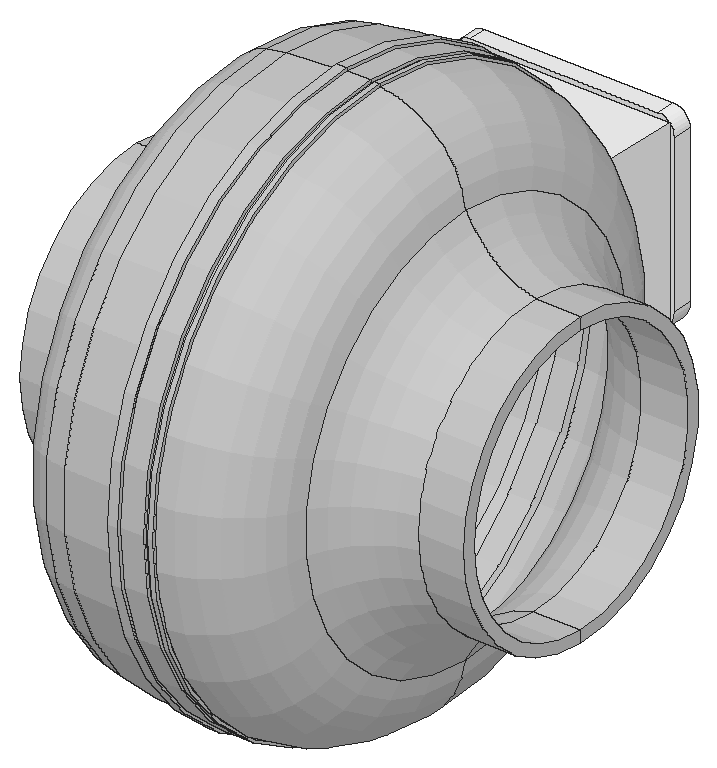
Revit family "CK 125 C AC_7000040", category Mechanical Equipment, Revit 2014
Parameters (values of type "CK 125 C AC")
  Wiring diagram = "4040001"
  Weight = 2.70 kg
  Voltage range = "220-240 / 50/60 V/Hz"
  Voltage = 230 V
  Speed = "2480 rpm"
  Sound pressure level at 3 m = "42 dB(A)"
  Power = 62 W
  Phase = 1
  Max. temperature of transported air when speed controlled = 60 °C
  Max. temperature of transported air = 60 °C
  Main Material = Steel, Galvanized
  Frequency = 50 Hz
  Elevation [instance] = 2721.5 mm
  Diameter = 124 mm
  Current = 0.27 A
  Capacitor = "2 μF"
Reference planes
  plane 1 "Center (Front/Back)": y = 0
  plane 2: z = 0
  plane 3 "Center (Left/Right)": x = 0
  plane 4: z = 2721.5
Dimensions and locks
  "Elevation": plane 2 to plane 4
  aligned and locked: level to plane 2
  aligned and locked: nested 1 to plane 4
  aligned and locked: plane 3 "Center (Left/Right)" to nested 1
  aligned and locked: plane 1 "Center (Front/Back)" to nested 2
  aligned and locked: plane 3 "Center (Left/Right)" to nested 2
Nested families
  nested 1: "CK 125 A AC_CK 125 C ACCK 125 C EC_geometry" at (0, 0, 2600), type "CK 125 A AC_CK 125 C ACCK 125 C EC_geometry"
  nested 2: "Flow direction symbol" at (0, 0, 0), type "Flow direction symbol"
Connectors
  hvac at (-94, 0, 2721.5), driven by "Diameter"
    settings: on nested 1, index 1, duct flow 0.0 L/s, flow factor 0, pres drop 0.0 Pa, loss coef 0, conn angle 0.00°, conn width 304.8 mm, conn height 304.8 mm, conn diameter 124 mm, duct sys type 1, conn prof type 0, flow config 0, flow direction 1, loss method 0, conn ref index -1, conn util no, is conn primary yes, conn desc ""
  hvac at (94, 0, 2721.5), driven by "Diameter"
    settings: on nested 1, index 2, duct flow 0.0 L/s, flow factor 0, pres drop 0.0 Pa, loss coef 0, conn angle 0.00°, conn width 304.8 mm, conn height 304.8 mm, conn diameter 124 mm, duct sys type 3, conn prof type 0, flow config 0, flow direction 2, loss method 0, conn ref index -1, conn util no, is conn primary no, conn desc ""
  electrical at (-34.442, 159.662, 2722.509), driven by "Phase", driven by "Voltage"
    settings: on nested 1, index 3, voltage 230 V, apparent load 0 VA, apparent load phase1 0 VA, apparent load phase2 0 VA, apparent load phase3 0 VA, power factor 1, load classification "Other", number of poles 1, system type 31, power factor state 1, is connector primary yes, connector utility no, sub classification motor no, connector description ""
Definition of nested family "CK 125 A AC_CK 125 C ACCK 125 C EC_geometry"
  Parameters (values of type "CK 125 A AC_CK 125 C ACCK 125 C EC_geometry")
    Main Material = Steel, Galvanized
  Reference planes
    plane 1 "Center (Front/Back)": y = 0
    plane 2: z = 0
    plane 3 "Center (Left/Right)": x = 0
    plane 4: z = 121.5
    plane 5: y = 159.662
    plane 6: y = 121.5
    plane 7: y = -121.5
    plane 8: x = -94
    plane 9: x = 94
    plane 10: z = 243
  Forms (mm)
    Revolve 1, solid, material "Steel, Galvanized" <- "Main Material", detail levels medium+fine
      sketch origin (0, 0, 0) x (-1, 0, 0) y (0, 0, -1)
        loop
          line (-94, -121.5) -> (94, -121.5) -> (94, -59.5) -> (72.757, -59.5)
          arc (72.757, -59.5) -> (69.865, -58.302) -> (68.667, -55.411) r 4.089
          arc (68.667, -55.411) -> (67.866, -52.064) -> (65.634, -49.444) r 7.385
          arc (65.634, -49.444) -> (60.661, -43.893) -> (58.383, -36.796) r 17.877
          arc (58.383, -36.796) -> (56.911, -27.605) -> (54.381, -18.648) r 79.973
          arc (54.381, -18.648) -> (48.574, -9.742) -> (39.265, -4.604) r 21.974
          arc (39.265, -4.604) -> (34.93, -3.639) -> (30.531, -3.031) r 54.355
          line (30.531, -3.031) -> (9.341, -1.921) -> (9.341, 0) -> (5.015, 0) -> (5.015, -1.029) -> (-4.985, -1.029) -> (-4.985, -2.121) -> (-6.81, -2.121) -> (-6.81, -1.029) -> (-8.834, -1.029) -> (-8.834, -2.121)
          arc (-8.834, -2.121) -> (-33.321, -12.518) -> (-45.401, -36.22) r 38.903
          arc (-45.401, -36.22) -> (-57.353, -51.26) -> (-74.707, -59.5) r 42.496
          line (-74.707, -59.5) -> (-94, -59.5) -> (-94, -121.5)
        axis (-94, -121.5) -> (94, -121.5)
      angle from 0 to 360
    Extrusion 2, solid, material "Plastic", detail levels medium+fine
      sketch origin (0, 0, 0) x (-1, 0, 0) y (0, 0, -1)
        loop
          arc (74.266, -163.259) -> (79.215, -161.209) -> (81.266, -156.259) r 7
          line (81.266, -156.259) -> (81.266, -90.259)
          arc (81.266, -90.259) -> (78.337, -83.188) -> (71.266, -80.259) r 10
          line (71.266, -80.259) -> (-2.382, -80.259)
          arc (-2.382, -80.259) -> (-9.453, -83.188) -> (-12.382, -90.259) r 10
          line (-12.382, -90.259) -> (-12.382, -156.259)
          arc (-12.382, -156.259) -> (-10.332, -161.209) -> (-5.382, -163.259) r 7
          line (-5.382, -163.259) -> (74.266, -163.259)
      from -159.662 to -151.628
    Extrusion 3, solid, material "Plastic", detail levels medium+fine
      sketch origin (0, 0, 0) x (0, 1, 0) y (0, 0, -1)
        loop
          line (118.852, -161.259) -> (151.628, -161.259) -> (151.628, -81.741) -> (118.852, -81.741) -> (118.852, -161.259)
      from -10.4 to 79.3
    Revolve 4, solid, material "Steel, Galvanized" <- "Main Material", detail levels coarse
      sketch origin (0, 0, 0) x (-1, 0, 0) y (0, 0, -1)
        loop
          line (-94, -121.5) -> (94, -121.5) -> (94, -59.5) -> (73.047, -59.5)
          arc (73.047, -59.5) -> (67.031, -57.553) -> (63.295, -52.451) r 10.271
          line (63.295, -52.451) -> (55.682, -21.92)
          arc (55.682, -21.92) -> (49.189, -10.123) -> (37.71, -3.085) r 26.305
          arc (37.71, -3.085) -> (28.61, -0.967) -> (19.317, 0) r 74.822
          arc (19.317, 0) -> (-1.145, -0.512) -> (-21.359, -3.723) r 154.558
          arc (-21.359, -3.723) -> (-34.11, -10.768) -> (-41.146, -23.524) r 26.267
          arc (-41.146, -23.524) -> (-52.509, -45.627) -> (-73.129, -59.5) r 49.87
          line (-73.129, -59.5) -> (-94, -59.5) -> (-94, -121.5)
        axis (-94, -121.5) -> (94, -121.5)
      angle from 0 to 360
    Revolve 5, void
      sketch origin (0, 0, 0) x (-1, 0, 0) y (0, 0, -1)
        loop
          line (-94, -121.5) -> (94, -121.5) -> (94, -64.5) -> (72.757, -64.5)
          arc (72.757, -64.5) -> (66.33, -61.838) -> (63.667, -55.411) r 9.089
          arc (63.667, -55.411) -> (63.409, -54.33) -> (62.688, -53.484) r 2.385
          arc (62.688, -53.484) -> (56.323, -46.38) -> (53.408, -37.298) r 22.877
          arc (53.408, -37.298) -> (52.028, -28.682) -> (49.657, -20.284) r 74.973
          arc (49.657, -20.284) -> (45.171, -13.405) -> (37.98, -9.437) r 16.974
          arc (37.98, -9.437) -> (34.097, -8.57) -> (30.156, -8.019) r 49.355
          line (30.156, -8.019) -> (9.079, -6.914) -> (5.015, -6.029) -> (-4.985, -6.029) -> (-8.571, -7.114)
          arc (-8.571, -7.114) -> (-30.187, -16.435) -> (-40.523, -37.586) r 33.903
          arc (-40.523, -37.586) -> (-54.124, -55.08) -> (-74.182, -64.5) r 47.496
          line (-74.182, -64.5) -> (-94, -64.5) -> (-94, -121.5)
        axis (94, -121.5) -> (-94, -121.5)
      angle from 0 to 360
  Cuts and joins
    Revolve 5 cuts Revolve 1
  Dimensions and locks
    aligned and locked: level to plane 2
Definition of nested family "Flow direction symbol"
  Parameters (values of type "Flow direction symbol")
    Warning = "!"
    Text = "DIMENSIONS OVERCONSTRAINT"
  Reference planes
    plane 1: y = 0
    plane 2: x = 0
  Lines and regions (mm)
    detail lines
      curve 1: line (-0.506, 0.877, 0) -> (-0.506, -0.877, 0)
      curve 2: line (1.012, 0, 0) -> (-0.506, -0.877, 0)
      curve 3: line (-0.506, 0.877, 0) -> (1.012, 0, 0)
      curve 4: circle (0, 0, 0) r 1 normal (0, 0, 1)
